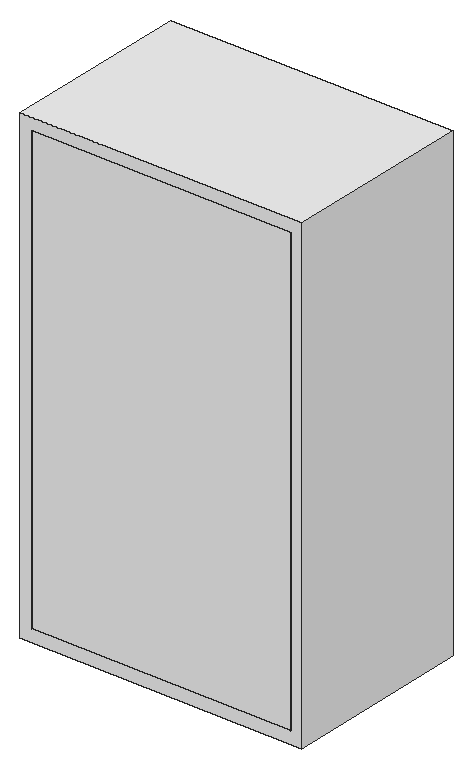
Revit family "ea9cc7b9ae6643ef95c741969f866aa3", category Casework, host Wall, Revit 2021
Family settings
  Host = Wall
  OmniClass Number = 23.40.35.17.47.11
  OmniClass Title = Kitchen Casework
  Seek Item ID = Upper Cabinet-Single Door w Glass-Wall-0000-USA-ENU
  Always vertical = Yes
  Cut with Voids When Loaded = No
  Shared = No
  Room Calculation Point = No
Parameters (values of type "18"")
  Default Elevation = 0' - 0"
  Assembly Code = "C1030410"
  Cabinet Material = none
  Depth = 1' - 0"
  Door/Drawer Material = none
  Handle Material = Cabinets - Handles
  Height = 2' - 6"
  Panel Material = Glass
  Top Of Cabinet = 7' - 0"
  Width = 1' - 6"
Types (4): name | Width
  (no name) | 1' - 6"
  24" | 2' - 0"
  18" | 1' - 6"
  21" | 1' - 9"
Reference planes (in)
  plane 1: y = 0
  plane 2 "Center": x = 1.17209
  plane 3 "Right": x = 10.17209
  plane 4 "Left": x = -7.82791
  plane 5: z = 54
  plane 6: z = 84
  plane 7 "Front": y = 15
  plane 8: y = 3
  plane 9: x = -6.57791
  plane 10: z = 69
Forms (in)
  Extrusion 1, solid, material <- "Cabinet Material"
    sketch origin (0, 3, 0) x (1, 0, 0) y (0, 0, 1)
      loop
        line (10.17209, 84) -> (-7.82791, 84) -> (-7.82791, 54) -> (10.17209, 54) -> (10.17209, 84)
      loop
        line (9.42209, 83.25) -> (-7.07791, 83.25) -> (-7.07791, 54.75) -> (9.42209, 54.75) -> (9.42209, 83.25)
    from 0 to -12
  Extrusion 2, solid, material <- "Cabinet Material"
    sketch origin (0, 3, 0) x (1, 0, 0) y (0, 0, 1)
      loop
        line (9.42209, 83.25) -> (-7.07791, 83.25) -> (-7.07791, 54.75) -> (9.42209, 54.75) -> (9.42209, 83.25)
    from 0 to -0.75
  Extrusion 3, solid, material <- "Door/Drawer Material"
    sketch origin (0, 15, 0) x (0, 0, 1) y (1, 0, 0)
      loop
        line (83.25, 9.42209) -> (54.75, 9.42209) -> (54.75, -7.07791) -> (83.25, -7.07791) -> (83.25, 9.42209)
      loop
        line (56, 8.17209) -> (56, -5.82791) -> (82, -5.82791) -> (82, 8.17209) -> (56, 8.17209)
    from 0.5 to -0.75
  Extrusion 4, solid, material "Glass" <- "Panel Material"
    sketch origin (0, 15, 0) x (0, 0, 1) y (1, 0, 0)
      loop
        line (82, 8.17209) -> (56, 8.17209) -> (56, -5.82791) -> (82, -5.82791) -> (82, 8.17209)
    from -0.5 to -0.25
  Sweep 5, solid, material "Cabinets - Handles" <- "Handle Material"
    path origin (-6.57791, 0, 0) x (0, 1, 0) y (0, 0, 1)
      loop
        line (15.5, 60) -> (16, 60)
        arc (16, 60) -> (16.35355, 59.85355) -> (16.5, 59.5) r 0.5
        line (16.5, 59.5) -> (16.5, 56.5)
        arc (16.5, 56.5) -> (16.35355, 56.14645) -> (16, 56) r 0.5
        line (16, 56) -> (15.5, 56)
    profile origin (-6.57791, 15.75, 0) x (0, 0, 1) y (1, 0, 0)
      loop
        circle (60, 0) r 0.25
Lines and regions (in)
  symbolic lines, style "Plan Rep - Above"
    curve 1: line (-7.82791, 3, 0) -> (10.17209, 3, 0)
    curve 2: line (-7.82791, 15, 0) -> (-7.82791, 3, 0)
    curve 3: line (10.17209, 15, 0) -> (-7.82791, 15, 0)
    curve 4: line (10.17209, 3, 0) -> (10.17209, 15, 0)
  symbolic lines, style "Elevation Swing"
    curve 5: line (-7.07791, 0, 83.25) -> (9.42209, 0, 69)
    curve 6: line (9.42209, 0, 69) -> (-7.07791, 0, 54.75)
Text (in)
  text "Placement Side" at (0, 40.15149, 123.01588), in view "Right"
  text "Placement Side" at (-46.85046, 32.48364, 0), in view "Floor Line"
  text "Placement Side" at (0, 47.49176, 34.10478), in view "Left"
Dimensions and locks (in)
  equal spacing: plane 4 "Left", plane 2 "Center", plane 3 "Right"
  "Width": plane 4 "Left" to plane 3 "Right"
  "Height": plane 5 to plane 6
  "Depth": plane 8 to plane 7 "Front"
  locked: plane 4 "Left" to plane 9 at 1.25
  equal spacing: plane 5, plane 10, plane 6
  "Top Of Cabinet": level to plane 6
  aligned and locked: plane 8 to host wall
  aligned and locked: plane 7 "Front" to Extrusion 1
  aligned and locked: Extrusion 2 sketch curve to Extrusion 1  (x4)
  aligned and locked: Extrusion 3 to Extrusion 4 sketch curve  (x3)
  aligned and locked: Extrusion 4 sketch curve to Extrusion 3
Automatic sketch dimensions
  Extrusion 1 sketch curve to plane 4 "Left" = 0' - 0"
  Extrusion 1 sketch curve to plane 3 "Right" = 0' - 0"
  Extrusion 1 sketch curve to plane 5 = 0' - 0"
  Extrusion 1 sketch curve to plane 6 = 0' - 0"
  plane 4 "Left" to Extrusion 1 sketch curve = 0' - 0 3/4"
  Extrusion 1 sketch curve to plane 3 "Right" = 0' - 0 3/4"
  Extrusion 1 sketch curve to plane 5 = 0' - 0 3/4"
  plane 6 to Extrusion 1 sketch curve = 0' - 0 3/4"
  plane 4 "Left" to Extrusion 3 sketch curve = 0' - 0 3/4"
  Extrusion 3 sketch curve to plane 5 = 0' - 0 3/4"
  Extrusion 3 sketch curve to Extrusion 3 sketch curve = 0' - 1 1/4"  (x2)
  plane 6 to Extrusion 3 sketch curve = 0' - 2"
  plane 6 to Extrusion 3 sketch curve = 0' - 0 3/4"
  Extrusion 3 sketch curve to plane 3 "Right" = 0' - 2"
  Extrusion 3 sketch curve to plane 3 "Right" = 0' - 0 3/4"
  Sweep 5 sketch curve to plane 9 = 0' - 0"
  Sweep 5 sketch curve to profile plane = 0' - 0"
  profile plane to Sweep 5 sketch curve = 0' - 0 1/4"
  curve 3 to plane 4 "Left" = 0' - 0"
  curve 3 to plane 3 "Right" = 0' - 0"
  curve 1 to host wall = 0' - 0"
  curve 3 to plane 7 "Front" = 0' - 0"
  plane 7 "Front" to Sweep 5 sketch curve = 0' - 0 1/2"  (x2)
  Sweep 5 sketch curve to Sweep 5 sketch curve = 0' - 0 1/2"  (x3)
  Sweep 5 sketch curve to plane 5 = 0' - 2"
  Sweep 5 sketch curve to Sweep 5 sketch curve = 0' - 3"
  curve 6 to plane 10 = 0' - 0"
  plane 6 to curve 5 = 0' - 0 3/4"
  curve 6 to plane 5 = 0' - 0 3/4"
  curve 6 to plane 9 = 0' - 0 1/2"
  curve 5 to plane 9 = 0' - 0 1/2"
  curve 6 to plane 3 "Right" = 0' - 0 3/4"
